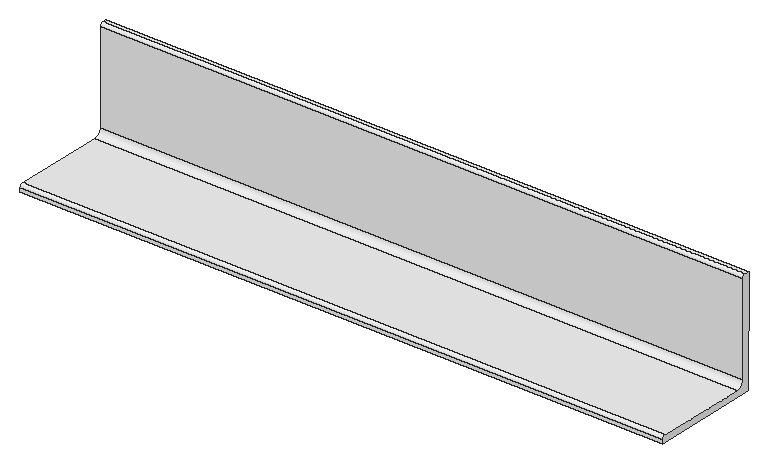
Revit family "M_L Ângulos iguais", category Quadro estrutural, Revit 2019
Family settings
  Arredondamento do comprimento do framing estrutural = 0.10 mm
  Forma do corte = Ângulo L
  Material para o comportamento do modelo = Aço
  Exportar sempre como geometria = Não
  Family Name Key = M_L Equal Angles
  Nome do código = AISC 14.1
  Número OmniClass = 23.25.30.11.14.14
  Título OmniClass = Beams
  ID de item do Seek = L-Equal Angle-0000-CAN-ENU
  Sempre na vertical = Sim
  Corte com vazios quando carregada = Não
  Representação simbólica = Das configurações de projeto
  Compartilhado = Não
  Exibir o pré-corte da família na vista da planta = Sim
Parameters (values of type "L203X203X12.7")
  Largura = 203.00 mm
  Espessura da teia = 12.70 mm
  Concordância da teia = 12.700 mm
  Constante da empena = 867000000.0 mm6
  Momento de inércia de torção = 284000.00 mm4
  Concordância da alma superior = 6.350 mm
  Structural Material [instance] = Aço, 45-345
  Section Name Key = ""
  Section Area = 5060.0 mm²
  Principal Axes Angle = 45.00°
  Plastic Modulus weak axis = 247000.0 mm³
  Plastic Modulus strong axis = 247000.0 mm³
  Perimeter = 2.6509 (stored number, unit not read)
  Nominal Weight = 385.4 N/m
  Moment of Inertia weak axis = 2030 cm⁴
  Moment of Inertia strong axis = 2030 cm⁴
  Length [instance] = 1524.00 mm
  Height = 203.00 mm
  Flange Thickness = 12.7 mm
  Flange Fillet = 6.35 mm
  Elastic Modulus weak axis = 137000.0 mm³
  Elastic Modulus strong axis = 137000.0 mm³
  Centroid Vertical = 55.10 mm
  Centroid Horizontal = 55.10 mm
  Bolt Spacing Shorter Flange = 114.3 mm
  Bolt Spacing 2 Longer Flange = 0 mm
  Flange mais longo 1 do espaçamento do parafuso = 114.300 mm
Types (2, lengths in mm): name | Concordância da teia | Concordância da alma superior | Flange mais longo 1 do espaçamento do parafuso
  (no name) | 12.7 | 6.35 | 114.3
  L203X203X12.7 | 12.700 | 6.350 | 114.300
Values of the unnamed type that differ from the named types
  Constante da empena = 0.000001081 (stored number, unit not read)
  Momento de inércia de torção = 28.4 cm⁴
Reference planes
  plane 1 "Centro (Frente/Trás)": y = 0
  plane 2: z = 0
  plane 3 "Centro (Esquerda/Direita)": x = 4.61
  plane 4 "Membro esquerdo": x = -604.99
  plane 5 "Membro direito": x = 614.21
  plane 6: y = 55.1
  plane 7: y = -147.9
  plane 8: z = -55.1
  plane 9 "Esquerda": x = -757.39
  plane 10 "Direita": x = 766.61
  plane 11: z = 147.9
Forms (mm)
  Sweep 1, solid, material "Aço, 45-345" <- "Structural Material", detail levels fine
    path origin (0, 0, 0) x (1, 0, 0) y (0, 1, 0)
      loop
        line (-604.99, 0) -> (614.21, 0)
    profile "M_L-Ângulo-Perfil-Alto : M_L-Ângulo-Perfil-Alto" origin (4.61, 0, 0) x (0, 1, 0) y (0, 0, 1)
      loop
        line (55.1, 147.9) -> (48.75, 147.9)
        arc (48.75, 147.9) -> (44.26, 146.04) -> (42.4, 141.55) r 6.35
        line (42.4, 141.55) -> (42.4, -29.7)
        arc (42.4, -29.7) -> (38.68, -38.68) -> (29.7, -42.4) r 12.7
        line (29.7, -42.4) -> (-141.55, -42.4)
        arc (-141.55, -42.4) -> (-146.04, -44.26) -> (-147.9, -48.75) r 6.35
        line (-147.9, -48.75) -> (-147.9, -55.1) -> (55.1, -55.1) -> (55.1, 147.9)
  Sweep 2, solid, material "Aço, 45-345" <- "Structural Material", detail levels medium
    path origin (0, 0, 0) x (1, 0, 0) y (0, 1, 0)
      loop
        line (-604.99, 0) -> (614.21, 0)
    profile "M_L-Ângulo-Perfil-Médio : M_L-Ângulo-Perfil-Médio" origin (4.61, 0, 0) x (0, 1, 0) y (0, 0, 1)
      loop
        line (55.1, 147.9) -> (42.4, 147.9) -> (42.4, -42.4) -> (-147.9, -42.4) -> (-147.9, -55.1) -> (55.1, -55.1) -> (55.1, 147.9)
Lines and regions (mm)
  symbolic lines, style "Faces ocultas", detail levels medium+fine
    curve 1: line (-604.99, 0, -42.4) -> (614.21, 0, -42.4)
    curve 2: line (-604.99, 42.4, 0) -> (614.21, 42.4, 0)
  symbolic lines, style "Símbolos de vara", detail levels coarse
    curve 3: line (4.61, 55.1, -55.1) -> (4.61, -147.9, -55.1)
    curve 4: line (4.61, 55.1, 147.9) -> (4.61, 55.1, -55.1)
Dimensions and locks
  "Largura": plane 6 to plane 7
  "Centroid Horizontal": plane 6 to plane 1 "Centro (Frente/Trás)"
  "Length": plane 9 "Esquerda" to plane 10 "Direita"
  "Espessura da teia": plane 6 to curve 2
  "Centroid Vertical": plane 8 to level
  "Height": plane 8 to plane 11
  aligned and locked: plane 4 "Membro esquerdo" to curve 2
  aligned and locked: plane 5 "Membro direito" to curve 2
  aligned and locked: plane 4 "Membro esquerdo" to curve 1
  aligned and locked: plane 5 "Membro direito" to curve 1
  aligned and locked: plane 5 "Membro direito" to Sweep 1 sketch curve
  aligned and locked: plane 1 "Centro (Frente/Trás)" to Sweep 1 sketch curve
  aligned and locked: plane 4 "Membro esquerdo" to Sweep 1 sketch curve
  aligned and locked: plane 4 "Membro esquerdo" to Sweep 2 sketch curve
  aligned and locked: plane 1 "Centro (Frente/Trás)" to Sweep 2 sketch curve
  aligned and locked: plane 5 "Membro direito" to Sweep 2 sketch curve
  aligned and locked: plane 8 to curve 3
  aligned and locked: plane 7 to curve 3
  aligned and locked: plane 6 to curve 4
  aligned and locked: plane 11 to curve 4
  aligned and locked: curve 1 to Sweep 2
Types in the file's own list only (60): name | Largura | Espessura da teia | Concordância da teia | Constante da empena | Momento de inércia de torção | Concordância da alma superior | Chave do nome do corte | Área de corte | Ângulo dos eixos principais | Eixo fraco do módulo plástico | Eixo forte do módulo plástico | Perímetro | Peso nominal | Eixo fraco do momento de inércia | Eixo forte do momento de inércia | Altura | Espessura do flange | Concordância do flange | Eixo fraco do módulo de elasticidade | Eixo forte do módulo de elasticidade | Centróide vertical | Centróide horizontal | Flange mais curto do espaçamento do parafuso | Flange mais longo 2 do espaçamento do parafuso | Flange mais longo 1 do espaçamento do parafuso
  L51X51X3.2 | 50.800 mm | 3.180 mm | 3.180 mm | 212000.0 mm6 | 1220.00 mm4 | 1.590 mm | L2X2X1/8 | 317.0 mm² | 45.00° | 3770.0 mm³ | 3770.0 mm³ | 0.20 m²/m | 2.40 kgf/m | 78700.00 mm4 | 78700.00 mm4 | 50.800 mm | 3.180 mm | 1.590 mm | 2110.0 mm³ | 2110.0 mm³ | 13.600 mm | 13.600 mm | 28.575 mm | 0.000 mm | 28.575 mm
  L51X51X4.8 | 50.800 mm | 4.760 mm | 4.760 mm | 682000.0 mm6 | 3830.00 mm4 | 2.380 mm | L2X2X3/16 | 466.0 mm² | 45.00° | 5540.0 mm³ | 5540.0 mm³ | 0.20 m²/m | 3.60 kgf/m | 113000.00 mm4 | 113000.00 mm4 | 50.800 mm | 4.760 mm | 2.380 mm | 3080.0 mm³ | 3080.0 mm³ | 14.200 mm | 14.200 mm | 28.575 mm | 0.000 mm | 28.575 mm
  L51X51X6.4 | 50.800 mm | 6.350 mm | 6.350 mm | 1540000.0 mm6 | 8700.00 mm4 | 3.175 mm | L2X2X1/4 | 609.0 mm² | 45.00° | 7210.0 mm³ | 7210.0 mm³ | 0.20 m²/m | 4.70 kgf/m | 144000.00 mm4 | 144000.00 mm4 | 50.800 mm | 6.350 mm | 3.175 mm | 4000.0 mm³ | 4000.0 mm³ | 14.900 mm | 14.900 mm | 28.575 mm | 0.000 mm | 28.575 mm
  L51X51X7.9 | 50.800 mm | 7.940 mm | 7.940 mm | 2850000.0 mm6 | 16400.00 mm4 | 3.970 mm | L2X2X5/16 | 748.0 mm² | 45.00° | 8800.0 mm³ | 8800.0 mm³ | 0.20 m²/m | 5.80 kgf/m | 172000.00 mm4 | 172000.00 mm4 | 50.800 mm | 7.940 mm | 3.970 mm | 4880.0 mm³ | 4880.0 mm³ | 15.500 mm | 15.500 mm | 28.575 mm | 0.000 mm | 28.575 mm
  L51X51X9.5 | 50.800 mm | 9.530 mm | 9.530 mm | 4670000.0 mm6 | 27400.00 mm4 | 4.765 mm | L2X2X3/8 | 884.0 mm² | 45.00° | 10300.0 mm³ | 10300.0 mm³ | 0.20 m²/m | 7.00 kgf/m | 198000.00 mm4 | 198000.00 mm4 | 50.800 mm | 9.530 mm | 4.765 mm | 5700.0 mm³ | 5700.0 mm³ | 16.100 mm | 16.100 mm | 28.575 mm | 0.000 mm | 28.575 mm
  L64X64X4.8 | 63.500 mm | 4.760 mm | 4.760 mm | 1370000.0 mm6 | 4750.00 mm4 | 2.380 mm | L2 1/2X2 1/2X3/16 | 581.0 mm² | 45.00° | 8670.0 mm³ | 8670.0 mm³ | 0.25 m²/m | 4.60 kgf/m | 223000.00 mm4 | 223000.00 mm4 | 63.500 mm | 4.760 mm | 2.380 mm | 4830.0 mm³ | 4830.0 mm³ | 17.400 mm | 17.400 mm | 34.925 mm | 0.000 mm | 34.925 mm
  L64X64X6.4 | 63.500 mm | 6.350 mm | 6.350 mm | 3120000.0 mm6 | 10900.00 mm4 | 3.175 mm | L2 1/2X2 1/2X1/4 | 768.0 mm² | 45.00° | 11400.0 mm³ | 11400.0 mm³ | 0.25 m²/m | 6.10 kgf/m | 288000.00 mm4 | 288000.00 mm4 | 63.500 mm | 6.350 mm | 3.175 mm | 6340.0 mm³ | 6340.0 mm³ | 18.100 mm | 18.100 mm | 34.925 mm | 0.000 mm | 34.925 mm
  L64X64X7.9 | 63.500 mm | 7.940 mm | 7.940 mm | 5850000.0 mm6 | 20600.00 mm4 | 3.970 mm | L2 1/2X2 1/2X5/16 | 942.0 mm² | 45.00° | 14000.0 mm³ | 14000.0 mm³ | 0.25 m²/m | 7.40 kgf/m | 348000.00 mm4 | 348000.00 mm4 | 63.500 mm | 7.940 mm | 3.970 mm | 7770.0 mm³ | 7770.0 mm³ | 18.700 mm | 18.700 mm | 34.925 mm | 0.000 mm | 34.925 mm
  L64X64X9.5 | 63.500 mm | 9.530 mm | 9.530 mm | 9720000.0 mm6 | 34700.00 mm4 | 4.765 mm | L2 1/2X2 1/2X3/8 | 1120.0 mm² | 45.00° | 16600.0 mm³ | 16600.0 mm³ | 0.25 m²/m | 8.70 kgf/m | 405000.00 mm4 | 405000.00 mm4 | 63.500 mm | 9.530 mm | 4.765 mm | 9140.0 mm³ | 9140.0 mm³ | 19.300 mm | 19.300 mm | 34.925 mm | 0.000 mm | 34.925 mm
  L64X64X12.7 | 63.500 mm | 12.700 mm | 12.700 mm | 21200000.0 mm6 | 78300.00 mm4 | 6.350 mm | L2 1/2X2 1/2X1/2 | 1460.0 mm² | 45.00° | 21100.0 mm³ | 21100.0 mm³ | 0.25 m²/m | 11.40 kgf/m | 508000.00 mm4 | 508000.00 mm4 | 63.500 mm | 12.700 mm | 6.350 mm | 11700.0 mm³ | 11700.0 mm³ | 20.400 mm | 20.400 mm | 34.925 mm | 0.000 mm | 34.925 mm
  L76X76X4.8 | 76.200 mm | 4.760 mm | 4.760 mm | 2410000.0 mm6 | 5660.00 mm4 | 2.380 mm | L3X3X3/16 | 703.0 mm² | 45.00° | 12700.0 mm³ | 12700.0 mm³ | 0.30 m²/m | 5.50 kgf/m | 395000.00 mm4 | 395000.00 mm4 | 76.200 mm | 4.760 mm | 2.380 mm | 7100.0 mm³ | 7100.0 mm³ | 20.600 mm | 20.600 mm | 44.450 mm | 0.000 mm | 44.450 mm
  L76X76X6.4 | 76.200 mm | 6.350 mm | 6.350 mm | 5530000.0 mm6 | 13000.00 mm4 | 3.175 mm | L3X3X1/4 | 929.0 mm² | 45.00° | 16700.0 mm³ | 16700.0 mm³ | 0.30 m²/m | 7.30 kgf/m | 512000.00 mm4 | 512000.00 mm4 | 76.200 mm | 6.350 mm | 3.175 mm | 9320.0 mm³ | 9320.0 mm³ | 21.200 mm | 21.200 mm | 44.450 mm | 0.000 mm | 44.450 mm
  L76X76X7.9 | 76.200 mm | 7.940 mm | 7.940 mm | 10500000.0 mm6 | 24800.00 mm4 | 3.970 mm | L3X3X5/16 | 1150.0 mm² | 45.00° | 20600.0 mm³ | 20600.0 mm³ | 0.30 m²/m | 9.10 kgf/m | 624000.00 mm4 | 624000.00 mm4 | 76.200 mm | 7.940 mm | 3.970 mm | 11500.0 mm³ | 11500.0 mm³ | 21.800 mm | 21.800 mm | 44.450 mm | 0.000 mm | 44.450 mm
  L76X76X9.5 | 76.200 mm | 9.530 mm | 9.530 mm | 17500000.0 mm6 | 42000.00 mm4 | 4.765 mm | L3X3X3/8 | 1360.0 mm² | 45.00° | 24300.0 mm³ | 24300.0 mm³ | 0.30 m²/m | 10.70 kgf/m | 728000.00 mm4 | 728000.00 mm4 | 76.200 mm | 9.530 mm | 4.765 mm | 13500.0 mm³ | 13500.0 mm³ | 22.500 mm | 22.500 mm | 44.450 mm | 0.000 mm | 44.450 mm
  L76X76X11.1 | 76.200 mm | 11.100 mm | 11.100 mm | 26900000.0 mm6 | 65300.00 mm4 | 5.550 mm | L3X3X7/16 | 1570.0 mm² | 45.00° | 27900.0 mm³ | 27900.0 mm³ | 0.30 m²/m | 12.40 kgf/m | 824000.00 mm4 | 824000.00 mm4 | 76.200 mm | 11.100 mm | 5.550 mm | 15500.0 mm³ | 15500.0 mm³ | 23.000 mm | 23.000 mm | 44.450 mm | 0.000 mm | 44.450 mm
  L76X76X12.7 | 76.200 mm | 12.700 mm | 12.700 mm | 38700000.0 mm6 | 95700.00 mm4 | 6.350 mm | L3X3X1/2 | 1780.0 mm² | 45.00° | 31300.0 mm³ | 31300.0 mm³ | 0.30 m²/m | 14.00 kgf/m | 916000.00 mm4 | 916000.00 mm4 | 76.200 mm | 12.700 mm | 6.350 mm | 17400.0 mm³ | 17400.0 mm³ | 23.600 mm | 23.600 mm | 44.450 mm | 0.000 mm | 44.450 mm
  L89X89X6.4 | 88.900 mm | 6.350 mm | 6.350 mm | 8970000.0 mm6 | 16100.00 mm4 | 3.175 mm | L3 1/2X3 1/2X1/4 | 1100.0 mm² | 45.00° | 23100.0 mm³ | 23100.0 mm³ | 0.35 m²/m | 8.60 kgf/m | 832000.00 mm4 | 832000.00 mm4 | 88.900 mm | 6.350 mm | 3.175 mm | 12900.0 mm³ | 12900.0 mm³ | 24.200 mm | 24.200 mm | 50.800 mm | 0.000 mm | 50.800 mm
  L89X89X7.9 | 88.900 mm | 7.940 mm | 7.940 mm | 17000000.0 mm6 | 30400.00 mm4 | 3.970 mm | L3 1/2X3 1/2X5/16 | 1350.0 mm² | 45.00° | 28500.0 mm³ | 28500.0 mm³ | 0.35 m²/m | 10.70 kgf/m | 1020000.00 mm4 | 1020000.00 mm4 | 88.900 mm | 7.940 mm | 3.970 mm | 15900.0 mm³ | 15900.0 mm³ | 24.900 mm | 24.900 mm | 50.800 mm | 0.000 mm | 50.800 mm
  L89X89X9.5 | 88.900 mm | 9.530 mm | 9.530 mm | 28500000.0 mm6 | 51200.00 mm4 | 4.765 mm | L3 1/2X3 1/2X3/8 | 1610.0 mm² | 45.00° | 33800.0 mm³ | 33800.0 mm³ | 0.35 m²/m | 12.60 kgf/m | 1190000.00 mm4 | 1190000.00 mm4 | 88.900 mm | 9.530 mm | 4.765 mm | 18800.0 mm³ | 18800.0 mm³ | 25.400 mm | 25.400 mm | 50.800 mm | 0.000 mm | 50.800 mm
  L89X89X11.1 | 88.900 mm | 11.100 mm | 11.100 mm | 44000000.0 mm6 | 79900.00 mm4 | 5.550 mm | L3 1/2X3 1/2X7/16 | 1860.0 mm² | 45.00° | 38700.0 mm³ | 38700.0 mm³ | 0.35 m²/m | 14.60 kgf/m | 1350000.00 mm4 | 1350000.00 mm4 | 88.900 mm | 11.100 mm | 5.550 mm | 21600.0 mm³ | 21600.0 mm³ | 26.200 mm | 26.200 mm | 50.800 mm | 0.000 mm | 50.800 mm
  L89X89X12.7 | 88.900 mm | 12.700 mm | 12.700 mm | 63900000.0 mm6 | 117000.00 mm4 | 6.350 mm | L3 1/2X3 1/2X1/2 | 2100.0 mm² | 45.00° | 43600.0 mm³ | 43600.0 mm³ | 0.35 m²/m | 16.50 kgf/m | 1510000.00 mm4 | 1510000.00 mm4 | 88.900 mm | 12.700 mm | 6.350 mm | 24300.0 mm³ | 24300.0 mm³ | 26.700 mm | 26.700 mm | 50.800 mm | 0.000 mm | 50.800 mm
  L102X102X6.4 | 102.000 mm | 6.350 mm | 6.350 mm | 13600000.0 mm6 | 18200.00 mm4 | 3.175 mm | L4X4X1/4 | 1250.0 mm² | 45.00° | 29800.0 mm³ | 29800.0 mm³ | 0.40 m²/m | 9.80 kgf/m | 1250000.00 mm4 | 1250000.00 mm4 | 102.000 mm | 6.350 mm | 3.175 mm | 16900.0 mm³ | 16900.0 mm³ | 27.400 mm | 27.400 mm | 63.500 mm | 0.000 mm | 63.500 mm
  L102X102X7.9 | 102.000 mm | 7.940 mm | 7.940 mm | 25900000.0 mm6 | 34600.00 mm4 | 3.970 mm | L4X4X5/16 | 1550.0 mm² | 45.00° | 37000.0 mm³ | 37000.0 mm³ | 0.40 m²/m | 12.20 kgf/m | 1530000.00 mm4 | 1530000.00 mm4 | 102.000 mm | 7.940 mm | 3.970 mm | 20800.0 mm³ | 20800.0 mm³ | 28.200 mm | 28.200 mm | 63.500 mm | 0.000 mm | 63.500 mm
  L102X102X9.5 | 102.000 mm | 9.530 mm | 9.530 mm | 43500000.0 mm6 | 58700.00 mm4 | 4.765 mm | L4X4X3/8 | 1850.0 mm² | 45.00° | 44100.0 mm³ | 44100.0 mm³ | 0.40 m²/m | 14.60 kgf/m | 1800000.00 mm4 | 1800000.00 mm4 | 102.000 mm | 9.530 mm | 4.765 mm | 24600.0 mm³ | 24600.0 mm³ | 28.700 mm | 28.700 mm | 63.500 mm | 0.000 mm | 63.500 mm
  L102X102X11.1 | 102.000 mm | 11.100 mm | 11.100 mm | 67700000.0 mm6 | 91600.00 mm4 | 5.550 mm | L4X4X7/16 | 2130.0 mm² | 45.00° | 50800.0 mm³ | 50800.0 mm³ | 0.40 m²/m | 16.80 kgf/m | 2050000.00 mm4 | 2050000.00 mm4 | 102.000 mm | 11.100 mm | 5.550 mm | 28300.0 mm³ | 28300.0 mm³ | 29.200 mm | 29.200 mm | 63.500 mm | 0.000 mm | 63.500 mm
  L102X102X12.7 | 102.000 mm | 12.700 mm | 12.700 mm | 98300000.0 mm6 | 134000.00 mm4 | 6.350 mm | L4X4X1/2 | 2420.0 mm² | 45.00° | 57400.0 mm³ | 57400.0 mm³ | 0.40 m²/m | 19.00 kgf/m | 2300000.00 mm4 | 2300000.00 mm4 | 102.000 mm | 12.700 mm | 6.350 mm | 32100.0 mm³ | 32100.0 mm³ | 30.000 mm | 30.000 mm | 63.500 mm | 0.000 mm | 63.500 mm
  L102X102X15.9 | 102.000 mm | 15.900 mm | 15.900 mm | 183000000.0 mm6 | 254000.00 mm4 | 7.950 mm | L4X4X5/8 | 2970.0 mm² | 45.00° | 70100.0 mm³ | 70100.0 mm³ | 0.40 m²/m | 23.40 kgf/m | 2760000.00 mm4 | 2760000.00 mm4 | 102.000 mm | 15.900 mm | 7.950 mm | 39000.0 mm³ | 39000.0 mm³ | 31.000 mm | 31.000 mm | 63.500 mm | 0.000 mm | 63.500 mm
  L102X102X19 | 102.000 mm | 19.100 mm | 19.100 mm | 301000000.0 mm6 | 425000.00 mm4 | 9.550 mm | L4X4X3/4 | 3510.0 mm² | 45.00° | 82300.0 mm³ | 82300.0 mm³ | 0.40 m²/m | 27.50 kgf/m | 3170000.00 mm4 | 3170000.00 mm4 | 102.000 mm | 19.100 mm | 9.550 mm | 45700.0 mm³ | 45700.0 mm³ | 32.300 mm | 32.300 mm | 63.500 mm | 0.000 mm | 63.500 mm
  L127X127X7.9 | 127.000 mm | 7.940 mm | 7.940 mm | 51800000.0 mm6 | 45000.00 mm4 | 3.970 mm | L5X5X5/16 | 1980.0 mm² | 45.00° | 59800.0 mm³ | 59800.0 mm³ | 0.51 m²/m | 15.30 kgf/m | 3100000.00 mm4 | 3100000.00 mm4 | 127.000 mm | 7.940 mm | 3.970 mm | 33400.0 mm³ | 33400.0 mm³ | 34.300 mm | 34.300 mm | 76.200 mm | 0.000 mm | 76.200 mm
  L127X127X9.5 | 127.000 mm | 9.530 mm | 9.530 mm | 87800000.0 mm6 | 76200.00 mm4 | 4.765 mm | L5X5X3/8 | 2350.0 mm² | 45.00° | 71000.0 mm³ | 71000.0 mm³ | 0.51 m²/m | 18.30 kgf/m | 3650000.00 mm4 | 3650000.00 mm4 | 127.000 mm | 9.530 mm | 4.765 mm | 39500.0 mm³ | 39500.0 mm³ | 34.800 mm | 34.800 mm | 76.200 mm | 0.000 mm | 76.200 mm
  L127X127X11.1 | 127.000 mm | 11.100 mm | 11.100 mm | 136000000.0 mm6 | 118000.00 mm4 | 5.550 mm | L5X5X7/16 | 2720.0 mm² | 45.00° | 81900.0 mm³ | 81900.0 mm³ | 0.50 m²/m | 21.30 kgf/m | 4160000.00 mm4 | 4160000.00 mm4 | 127.000 mm | 11.100 mm | 5.550 mm | 45600.0 mm³ | 45600.0 mm³ | 35.600 mm | 35.600 mm | 76.200 mm | 0.000 mm | 76.200 mm
  L127X127X12.7 | 127.000 mm | 12.700 mm | 12.700 mm | 200000000.0 mm6 | 174000.00 mm4 | 6.350 mm | L5X5X1/2 | 3090.0 mm² | 45.00° | 92800.0 mm³ | 92800.0 mm³ | 0.50 m²/m | 24.10 kgf/m | 4700000.00 mm4 | 4700000.00 mm4 | 127.000 mm | 12.700 mm | 6.350 mm | 51600.0 mm³ | 51600.0 mm³ | 36.100 mm | 36.100 mm | 76.200 mm | 0.000 mm | 76.200 mm
  L127X127X15.9 | 127.000 mm | 15.900 mm | 15.900 mm | 376000000.0 mm6 | 330000.00 mm4 | 7.950 mm | L5X5X5/8 | 3810.0 mm² | 45.00° | 114000.0 mm³ | 114000.0 mm³ | 0.50 m²/m | 29.80 kgf/m | 5660000.00 mm4 | 5660000.00 mm4 | 127.000 mm | 15.900 mm | 7.950 mm | 63100.0 mm³ | 63100.0 mm³ | 37.300 mm | 37.300 mm | 76.200 mm | 0.000 mm | 76.200 mm
  L127X127X19 | 127.000 mm | 19.100 mm | 19.100 mm | 623000000.0 mm6 | 554000.00 mm4 | 9.550 mm | L5X5X3/4 | 4500.0 mm² | 45.00° | 133000.0 mm³ | 133000.0 mm³ | 0.51 m²/m | 35.10 kgf/m | 6530000.00 mm4 | 6530000.00 mm4 | 127.000 mm | 19.100 mm | 9.550 mm | 74100.0 mm³ | 74100.0 mm³ | 38.600 mm | 38.600 mm | 76.200 mm | 0.000 mm | 76.200 mm
  L127X127X22.2 | 127.000 mm | 22.200 mm | 22.200 mm | 948000000.0 mm6 | 862000.00 mm4 | 11.100 mm | L5X5X7/8 | 5160.0 mm² | 45.00° | 153000.0 mm³ | 153000.0 mm³ | 0.50 m²/m | 40.50 kgf/m | 7410000.00 mm4 | 7410000.00 mm4 | 127.000 mm | 22.200 mm | 11.100 mm | 84600.0 mm³ | 84600.0 mm³ | 39.600 mm | 39.600 mm | 76.200 mm | 0.000 mm | 76.200 mm
  L152X152X7.9 | 152.000 mm | 7.940 mm | 7.940 mm | 90800000.0 mm6 | 53700.00 mm4 | 3.970 mm | L6X6X5/16 | 2370.0 mm² | 45.00° | 86200.0 mm³ | 86200.0 mm³ | 0.60 m²/m | 18.50 kgf/m | 5410000.00 mm4 | 5410000.00 mm4 | 152.000 mm | 7.940 mm | 3.970 mm | 48300.0 mm³ | 48300.0 mm³ | 40.600 mm | 40.600 mm | 88.900 mm | 0.000 mm | 88.900 mm
  L152X152X9.5 | 152.000 mm | 9.530 mm | 9.530 mm | 154000000.0 mm6 | 90700.00 mm4 | 4.765 mm | L6X6X3/8 | 2830.0 mm² | 45.00° | 103000.0 mm³ | 103000.0 mm³ | 0.60 m²/m | 22.20 kgf/m | 6410000.00 mm4 | 6410000.00 mm4 | 152.000 mm | 9.530 mm | 4.765 mm | 57500.0 mm³ | 57500.0 mm³ | 41.100 mm | 41.100 mm | 88.900 mm | 0.000 mm | 88.900 mm
  L152X152X11.1 | 152.000 mm | 11.100 mm | 11.100 mm | 241000000.0 mm6 | 142000.00 mm4 | 5.550 mm | L6X6X7/16 | 3280.0 mm² | 45.00° | 119000.0 mm³ | 119000.0 mm³ | 0.61 m²/m | 25.60 kgf/m | 7330000.00 mm4 | 7330000.00 mm4 | 152.000 mm | 11.100 mm | 5.550 mm | 66500.0 mm³ | 66500.0 mm³ | 41.900 mm | 41.900 mm | 88.900 mm | 0.000 mm | 88.900 mm
  L152X152X12.7 | 152.000 mm | 12.700 mm | 12.700 mm | 354000000.0 mm6 | 209000.00 mm4 | 6.350 mm | L6X6X1/2 | 3720.0 mm² | 45.00° | 135000.0 mm³ | 135000.0 mm³ | 0.60 m²/m | 29.20 kgf/m | 8280000.00 mm4 | 8280000.00 mm4 | 152.000 mm | 12.700 mm | 6.350 mm | 75200.0 mm³ | 75200.0 mm³ | 42.400 mm | 42.400 mm | 88.900 mm | 0.000 mm | 88.900 mm
  L152X152X14.3 | 152.000 mm | 14.300 mm | 14.300 mm | 497000000.0 mm6 | 293000.00 mm4 | 7.150 mm | L6X6X9/16 | 4160.0 mm² | 45.00° | 150000.0 mm³ | 150000.0 mm³ | 0.61 m²/m | 32.60 kgf/m | 9160000.00 mm4 | 9160000.00 mm4 | 152.000 mm | 14.300 mm | 7.150 mm | 83900.0 mm³ | 83900.0 mm³ | 43.200 mm | 43.200 mm | 88.900 mm | 0.000 mm | 88.900 mm
  L152X152X15.9 | 152.000 mm | 15.900 mm | 15.900 mm | 671000000.0 mm6 | 398000.00 mm4 | 7.950 mm | L6X6X5/8 | 4600.0 mm² | 45.00° | 166000.0 mm³ | 166000.0 mm³ | 0.61 m²/m | 36.00 kgf/m | 10000000.00 mm4 | 10000000.00 mm4 | 152.000 mm | 15.900 mm | 7.950 mm | 92400.0 mm³ | 92400.0 mm³ | 43.700 mm | 43.700 mm | 88.900 mm | 0.000 mm | 88.900 mm
  L152X152X19 | 152.000 mm | 19.100 mm | 19.100 mm | 1120000000.0 mm6 | 670000.00 mm4 | 9.550 mm | L6X6X3/4 | 5460.0 mm² | 45.00° | 195000.0 mm³ | 195000.0 mm³ | 0.61 m²/m | 42.70 kgf/m | 11700000.00 mm4 | 11700000.00 mm4 | 152.000 mm | 19.100 mm | 9.550 mm | 109000.0 mm³ | 109000.0 mm³ | 45.000 mm | 45.000 mm | 88.900 mm | 0.000 mm | 88.900 mm
  L152X152X22.2 | 152.000 mm | 22.200 mm | 22.200 mm | 1720000000.0 mm6 | 1040000.00 mm4 | 11.100 mm | L6X6X7/8 | 6290.0 mm² | 45.00° | 225000.0 mm³ | 225000.0 mm³ | 0.61 m²/m | 49.30 kgf/m | 13300000.00 mm4 | 13300000.00 mm4 | 152.000 mm | 22.200 mm | 11.100 mm | 125000.0 mm³ | 125000.0 mm³ | 46.000 mm | 46.000 mm | 88.900 mm | 0.000 mm | 88.900 mm
  L152X152X25.4 | 152.000 mm | 25.400 mm | 25.400 mm | 2480000000.0 mm6 | 1530000.00 mm4 | 12.700 mm | L6X6X1 | 7100.0 mm² | 45.00° | 252000.0 mm³ | 252000.0 mm³ | 0.61 m²/m | 55.70 kgf/m | 14700000.00 mm4 | 14700000.00 mm4 | 152.000 mm | 25.400 mm | 12.700 mm | 140000.0 mm³ | 140000.0 mm³ | 47.200 mm | 47.200 mm | 88.900 mm | 0.000 mm | 88.900 mm
  L203X203X14.3 | 203.000 mm | 14.300 mm | 14.300 mm | 1220000000.0 mm6 | 400000.00 mm4 | 7.150 mm | L8X8X9/16 | 5660.0 mm² | 45.00° | 275000.0 mm³ | 275000.0 mm³ | 0.81 m²/m | 44.00 kgf/m | 22600000.00 mm4 | 22600000.00 mm4 | 203.000 mm | 14.300 mm | 7.150 mm | 153000.0 mm³ | 153000.0 mm³ | 55.600 mm | 55.600 mm | 114.300 mm | 0.000 mm | 114.300 mm
  L203X203X15.9 | 203.000 mm | 15.900 mm | 15.900 mm | 1650000000.0 mm6 | 541000.00 mm4 | 7.950 mm | L8X8X5/8 | 6250.0 mm² | 45.00° | 305000.0 mm³ | 305000.0 mm³ | 0.81 m²/m | 48.70 kgf/m | 24800000.00 mm4 | 24800000.00 mm4 | 203.000 mm | 15.900 mm | 7.950 mm | 169000.0 mm³ | 169000.0 mm³ | 56.100 mm | 56.100 mm | 114.300 mm | 0.000 mm | 114.300 mm
  L203X203X19 | 203.000 mm | 19.100 mm | 19.100 mm | 2790000000.0 mm6 | 920000.00 mm4 | 9.550 mm | L8X8X3/4 | 7420.0 mm² | 45.00° | 361000.0 mm³ | 361000.0 mm³ | 0.81 m²/m | 57.90 kgf/m | 29100000.00 mm4 | 29100000.00 mm4 | 203.000 mm | 19.100 mm | 9.550 mm | 200000.0 mm³ | 200000.0 mm³ | 57.400 mm | 57.400 mm | 114.300 mm | 0.000 mm | 114.300 mm
  L203X203X22.2 | 203.000 mm | 22.200 mm | 22.200 mm | 4320000000.0 mm6 | 1440000.00 mm4 | 11.100 mm | L8X8X7/8 | 8580.0 mm² | 45.00° | 415000.0 mm³ | 415000.0 mm³ | 0.81 m²/m | 67.00 kgf/m | 33200000.00 mm4 | 33200000.00 mm4 | 203.000 mm | 22.200 mm | 11.100 mm | 229000.0 mm³ | 229000.0 mm³ | 58.700 mm | 58.700 mm | 114.300 mm | 0.000 mm | 114.300 mm
  L203X203X25.4 | 203.000 mm | 25.400 mm | 25.400 mm | 6280000000.0 mm6 | 2110000.00 mm4 | 12.700 mm | L8X8X1 | 9740.0 mm² | 45.00° | 467000.0 mm³ | 467000.0 mm³ | 0.81 m²/m | 75.90 kgf/m | 37100000.00 mm4 | 37100000.00 mm4 | 203.000 mm | 25.400 mm | 12.700 mm | 259000.0 mm³ | 259000.0 mm³ | 59.900 mm | 59.900 mm | 114.300 mm | 0.000 mm | 114.300 mm
  L203X203X28.6 | 203.000 mm | 28.600 mm | 28.600 mm | 8730000000.0 mm6 | 2970000.00 mm4 | 14.300 mm | L8X8X1 1/8 | 10800.0 mm² | 45.00° | 518000.0 mm³ | 518000.0 mm³ | 0.81 m²/m | 84.70 kgf/m | 40800000.00 mm4 | 40800000.00 mm4 | 203.000 mm | 28.600 mm | 14.300 mm | 287000.0 mm³ | 287000.0 mm³ | 61.000 mm | 61.000 mm | 114.300 mm | 0.000 mm | 114.300 mm
  L254X254X19.1 | 254.000 mm | 19.100 mm | 18.000 mm | 0.0 mm6 | 0.00 mm4 | 9.000 mm | L10X10X3/4 | 9310.0 mm² | 45.00° | 0.0 mm³ | 0.0 mm³ | 0.99 m²/m | 73.10 kgf/m | 57070000.00 mm4 | 57070000.00 mm4 | 254.000 mm | 19.100 mm | 9.000 mm | 309800.0 mm³ | 309800.0 mm³ | 69.800 mm | 69.800 mm | 0.000 mm | 0.000 mm | 0.000 mm
  L254X254X22.2 | 254.000 mm | 22.200 mm | 18.000 mm | 0.0 mm6 | 0.00 mm4 | 9.000 mm | L10X10X7/8 | 10800.0 mm² | 45.00° | 0.0 mm³ | 0.0 mm³ | 0.99 m²/m | 84.60 kgf/m | 65490000.00 mm4 | 65490000.00 mm4 | 254.000 mm | 22.200 mm | 9.000 mm | 357900.0 mm³ | 357900.0 mm³ | 71.000 mm | 71.000 mm | 0.000 mm | 0.000 mm | 0.000 mm
  L254X254X25.4 | 254.000 mm | 25.400 mm | 18.000 mm | 0.0 mm6 | 0.00 mm4 | 9.000 mm | L10X10X1 | 12300.0 mm² | 45.00° | 0.0 mm³ | 0.0 mm³ | 0.99 m²/m | 96.20 kgf/m | 73740000.00 mm4 | 73740000.00 mm4 | 254.000 mm | 25.400 mm | 9.000 mm | 405800.0 mm³ | 405800.0 mm³ | 72.300 mm | 72.300 mm | 0.000 mm | 0.000 mm | 0.000 mm
  L254X254X28.6 | 254.000 mm | 28.600 mm | 18.000 mm | 0.0 mm6 | 0.00 mm4 | 9.000 mm | L10X10X1 1/8 | 13700.0 mm² | 45.00° | 0.0 mm³ | 0.0 mm³ | 0.99 m²/m | 108.00 kgf/m | 81680000.00 mm4 | 81680000.00 mm4 | 254.000 mm | 28.600 mm | 9.000 mm | 452600.0 mm³ | 452600.0 mm³ | 73.500 mm | 73.500 mm | 0.000 mm | 0.000 mm | 0.000 mm
  L254X254X31.8 | 254.000 mm | 31.800 mm | 18.000 mm | 0.0 mm6 | 0.00 mm4 | 9.000 mm | L10X10X1 1/4 | 15100.0 mm² | 45.00° | 0.0 mm³ | 0.0 mm³ | 0.99 m²/m | 119.00 kgf/m | 89330000.00 mm4 | 89330000.00 mm4 | 254.000 mm | 31.800 mm | 9.000 mm | 498300.0 mm³ | 498300.0 mm³ | 74.700 mm | 74.700 mm | 0.000 mm | 0.000 mm | 0.000 mm
  L254X254X34.9 | 254.000 mm | 34.900 mm | 18.000 mm | 0.0 mm6 | 0.00 mm4 | 9.000 mm | L10X10X1 3/8 | 16500.0 mm² | 45.00° | 0.0 mm³ | 0.0 mm³ | 0.99 m²/m | 130.00 kgf/m | 96480000.00 mm4 | 96480000.00 mm4 | 254.000 mm | 34.900 mm | 9.000 mm | 541700.0 mm³ | 541700.0 mm³ | 75.900 mm | 75.900 mm | 0.000 mm | 0.000 mm | 0.000 mm
  L305X305X25.4 | 305.000 mm | 25.400 mm | 18.000 mm | 0.0 mm6 | 0.00 mm4 | 12.700 mm | L12X12X1 | 14700.0 mm² | 45.00° | 0.0 mm³ | 0.0 mm³ | 1.18 m²/m | 116.00 kgf/m | 129200000.00 mm4 | 129200000.00 mm4 | 305.000 mm | 25.400 mm | 12.700 mm | 587100.0 mm³ | 587100.0 mm³ | 84.800 mm | 84.800 mm | 0.000 mm | 0.000 mm | 0.000 mm
  L305X305X28.6 | 305.000 mm | 28.600 mm | 18.000 mm | 0.0 mm6 | 0.00 mm4 | 12.700 mm | L12X12X1 1/8 | 16500.0 mm² | 45.00° | 0.0 mm³ | 0.0 mm³ | 1.18 m²/m | 130.00 kgf/m | 143700000.00 mm4 | 143700000.00 mm4 | 305.000 mm | 28.600 mm | 12.700 mm | 656700.0 mm³ | 656700.0 mm³ | 86.000 mm | 86.000 mm | 0.000 mm | 0.000 mm | 0.000 mm
  L305X305X31.8 | 305.000 mm | 31.800 mm | 18.000 mm | 0.0 mm6 | 0.00 mm4 | 12.700 mm | L12X12X1 1/4 | 18300.0 mm² | 45.00° | 0.0 mm³ | 0.0 mm³ | 1.18 m²/m | 143.00 kgf/m | 157700000.00 mm4 | 157700000.00 mm4 | 305.000 mm | 31.800 mm | 12.700 mm | 725000.0 mm³ | 725000.0 mm³ | 87.300 mm | 87.300 mm | 0.000 mm | 0.000 mm | 0.000 mm
  L305X305X34.9 | 305.000 mm | 34.900 mm | 18.000 mm | 0.0 mm6 | 0.00 mm4 | 12.700 mm | L12X12X1 3/8 | 19900.0 mm² | 45.00° | 0.0 mm³ | 0.0 mm³ | 1.18 m²/m | 157.00 kgf/m | 170900000.00 mm4 | 170900000.00 mm4 | 305.000 mm | 34.900 mm | 12.700 mm | 789900.0 mm³ | 789900.0 mm³ | 88.500 mm | 88.500 mm | 0.000 mm | 0.000 mm | 0.000 mm
